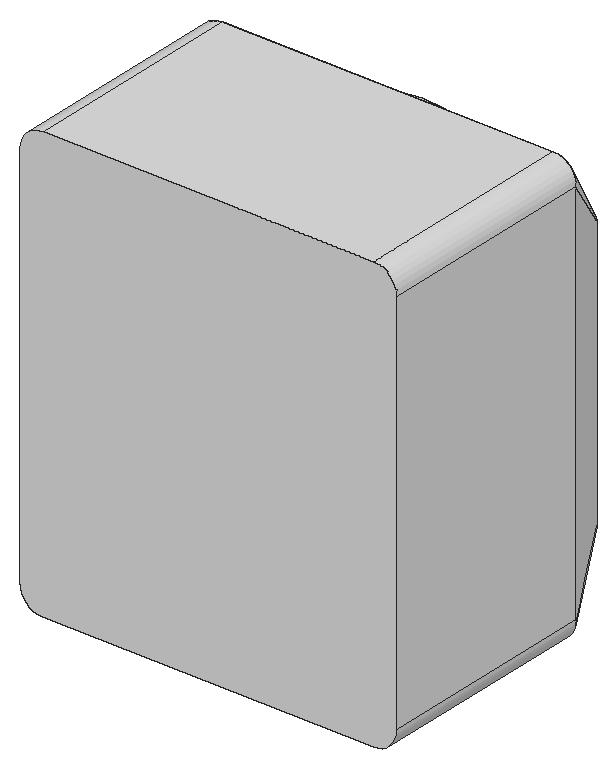
Revit family "IEK_Розетка_ОУ_сЗК_сКР_16А_1мст_IP54_ГЕРМЕС_PLUS_белый", category Электрические приборы, Revit 2019
Family settings
  Сохранять ориентацию аннотаций = Да
  Размер круглого соединителя = Использовать диаметр
  Тип детали = Нормальный
  На основе рабочей плоскости = Нет
  Всегда вертикально = Да
  При загрузке вырезать с полостями = Нет
  Общий = Нет
  Точка расчета площади = Нет
Parameters (values of type "РСб20-3-ГПБб")
  Ширина = 72 mm  # constant formula
  Тип монтажа = "Поверхность монтажа (открытая установка)"  # constant formula
  Степень защиты = "IP54"  # constant formula
  Описание = "Изделия серии \"ГЕРМЕС PLUS\" используются в помещениях с повышенной влажностью или запыленностью, а также под навесом на открытом воздухе."
  Материал крышки = Цвет белый
  Изготовитель = "IEK"  # constant formula
  Диаметр_Короба [instance] = 16 mm
  Глубина = 52 mm  # constant formula
  Высота = 72 mm  # constant formula
  ΔХ [instance] = 2000 mm
  ΔY [instance] = 2000 mm
  URL = "https://www.iek.ru/"
  ADSK_Ток [instance] = 16 A  # constant formula
  ADSK_Примечание = ""
  ADSK_Полная мощность [instance] = ADSK_Номинальная мощность / ADSK_Коэффициент мощности  # 3520 VA
  ADSK_Позиция [instance] = ""
  ADSK_Номинальная мощность [instance] = ADSK_Ток * ADSK_Напряжение * sqrt(ADSK_Количество фаз числовое) * ADSK_Коэффициент мощности  # 3520 W
  ADSK_Напряжение = 220 V
  ADSK_Наименование краткое = "РСб20-3-ГПБ6"
  ADSK_Наименование = "Розетка 1-местная для открытой установки РСб20-3-ГПБб с заземляющим контактом IP54 ГЕРМЕС PLUS (цвет крышки:белый) IEK"
  ADSK_Материал обозначение = ""
  ADSK_Материал наименование = "Пластик"  # constant formula
  ADSK_Материал = Цвет белый
  ADSK_Масса = 0.12
  ADSK_Марка = "ГЕРМЕС PLUS"  # constant formula
  ADSK_Коэффициент мощности [instance] = 1  # constant formula
  ADSK_Количество фаз числовое = 1
  ADSK_Количество фаз = 1
  ADSK_Код изделия = "ERMP12-K01-16-54-EC"
  ADSK_Классификация нагрузок [instance] = Прочее
  ADSK_Завод-изготовитель = Изготовитель  # "IEK"
  ADSK_Единица измерения = "шт."  # constant formula
  ADSK_Группирование = "Электроустановочные изделия низковольтные"  # constant formula
  ADSK_Версия семейства = "01.10.25"  # constant formula
  ADSK_Версия Revit = "v2019"  # constant formula
  ADSK_URL страницы изделия = "https://qr.iek.group/ERMP12-K01-16-54-EC"
Types (3, lengths in mm): name | Материал крышки | ADSK_Наименование краткое | ADSK_Наименование | ADSK_Масса | ADSK_Код изделия | ADSK_URL страницы изделия
  (no name) | Цвет белый | "РСб20-3-ГПБ6" | "Розетка 1-местная для открытой установки РСб20-3-ГПБб с заземляющим контактом IP54 ГЕРМЕС PLUS (цвет крышки:белый) IEK" | 0.12 | "ERMP12-K01-16-54-EC" | "https://qr.iek.group/ERMP12-K01-16-54-EC"
  РСб20-3-ГПБб | Цвет белый | "РСб20-3-ГПБ6" | "Розетка 1-местная для открытой установки РСб20-3-ГПБб с заземляющим контактом IP54 ГЕРМЕС PLUS (цвет крышки:белый) IEK" | 0.12 | "ERMP12-K01-16-54-EC" | "https://qr.iek.group/ERMP12-K01-16-54-EC"
  РСб20-3-ГПБд_КрышкаДымчатый | Цвет дымчатый | "РСб20-3-ГПБд" | "Розетка 1-местная для открытой установки РСб20-3-ГПБд с заземляющим контактом IP54 ГЕРМЕС PLUS (цвет крышки:дымчатый) IEK" | 0.115 | "ERMP12-K03-16-54-EC" | "https://qr.iek.group/ERMP12-K03-16-54-EC"
Reference planes
  plane 1 "По центру (Вперед/Назад)": y = 0
  plane 2: z = 0
  plane 3 "По центру (Влево/Вправо)": x = 0
  plane 4 "Высота ножек": z = 280
  plane 5 "Высота": z = 2081.496
  plane 6: x = -2000
  plane 7: y = 2000
Forms (mm)
  Extrusion 1, void
    sketch origin (0, 0, 37.5) x (1, 0, 0) y (0, 0, -1)
      loop
        arc (-16.762, -9.964) -> (-0.012, -19.5) -> (16.75, -9.984) r 19.5
        line (16.75, -9.984) -> (16.75, -2.25) -> (19.37, -2.25)
        arc (19.37, -2.25) -> (19.5, 0) -> (19.37, 2.25) r 19.5
        line (19.37, 2.25) -> (16.75, 2.25) -> (16.75, 9.984)
        arc (16.75, 9.984) -> (0, 19.5) -> (-16.75, 9.984) r 19.5
        line (-16.75, 9.984) -> (-16.75, 2.25) -> (-19.37, 2.25)
        arc (-19.37, 2.25) -> (-19.5, 0) -> (-19.37, -2.25) r 19.5
        line (-19.37, -2.25) -> (-16.75, -2.25) -> (-16.762, -9.964)
    from 26.4 to 46.099
  Extrusion 2, void
    sketch origin (0, 0, 37.5) x (1, 0, 0) y (0, 0, -1)
      loop
        circle (-9.525, 0) r 2.758
      loop
        circle (9.525, 0) r 2.758
    from 26.4 to 5.7
  Extrusion 3, solid, material "Цвет белый" <- "ADSK_Материал", detail levels fine
    sketch origin (0, 0, 37.5) x (1, 0, 0) y (0, 0, -1)
      loop
        line (-32.5, 33.5) -> (-32.5, -33.45)
        arc (-32.5, -33.45) -> (-31.314, -36.314) -> (-28.45, -37.5) r 4.05
        line (-28.45, -37.5) -> (28.5, -37.5)
        arc (28.5, -37.5) -> (31.328, -36.328) -> (32.5, -33.5) r 4
        line (32.5, -33.5) -> (32.5, 33.5)
        arc (32.5, 33.5) -> (31.328, 36.328) -> (28.5, 37.5) r 4
        line (28.5, 37.5) -> (-28.5, 37.5)
        arc (-28.5, 37.5) -> (-31.328, 36.328) -> (-32.5, 33.5) r 4
    from 0 to 38.682
  Blend 4, solid, material "Цвет белый" <- "ADSK_Материал", detail levels fine
    base sketch origin (0, 0, 37.5) x (1, 0, 0) y (0, 0, -1)
      loop
        line (-32.5, 33.5) -> (-32.5, -33.5)
        arc (-32.5, -33.5) -> (-31.328, -36.328) -> (-28.5, -37.5) r 4
        line (-28.5, -37.5) -> (28.5, -37.5)
        arc (28.5, -37.5) -> (31.328, -36.328) -> (32.5, -33.5) r 4
        line (32.5, -33.5) -> (32.5, 33.5)
        arc (32.5, 33.5) -> (31.328, 36.328) -> (28.5, 37.5) r 4
        line (28.5, 37.5) -> (-28.5, 37.5)
        arc (-28.5, 37.5) -> (-31.328, 36.328) -> (-32.5, 33.5) r 4
    top sketch origin (0, 0, 37.5) x (1, 0, 0) y (0, 0, -1)
      loop
        line (-30.1, 23.034) -> (-30.1, -24.041)
        arc (-30.1, -24.041) -> (-29.819, -24.719) -> (-29.141, -25) r 0.959
        line (-29.141, -25) -> (29.141, -25)
        arc (29.141, -25) -> (29.819, -24.719) -> (30.1, -24.041) r 0.959
        line (30.1, -24.041) -> (30.1, 23.034)
        arc (30.1, 23.034) -> (29.819, 23.712) -> (29.141, 23.993) r 0.959
        line (29.141, 23.993) -> (-29.141, 23.993)
        arc (-29.141, 23.993) -> (-29.819, 23.712) -> (-30.1, 23.034) r 0.959
    from 38.682 to 46.099
  Extrusion 5, void
    sketch origin (0, 0, 39.041) x (1, 0, 0) y (0, 0, -1)
      loop
        arc (-28.5, -24.189) -> (-27.914, -25.603) -> (-26.5, -26.189) r 2
        line (-26.5, -26.189) -> (26.5, -26.189)
        arc (26.5, -26.189) -> (27.914, -25.603) -> (28.5, -24.189) r 2
        line (28.5, -24.189) -> (28.5, 37.041)
        arc (28.5, 37.041) -> (27.914, 38.456) -> (26.5, 39.041) r 2
        line (26.5, 39.041) -> (-26.5, 39.041)
        arc (-26.5, 39.041) -> (-27.914, 38.456) -> (-28.5, 37.041) r 2
        line (-28.5, 37.041) -> (-28.5, -24.189)
      loop
        line (5, 26.541) -> (-5, 26.541) -> (-15.069, 16.168)
        arc (-15.069, 16.168) -> (-21, 1.541) -> (-15.069, -13.085) r 21
        line (-15.069, -13.085) -> (-5, -23.459) -> (5, -23.459) -> (15.069, -13.085)
        arc (15.069, -13.085) -> (21, 1.541) -> (15.069, 16.168) r 21
        line (15.069, 16.168) -> (5, 26.541)
    from 38.682 to 46.099
  Extrusion 6, void
    sketch origin (0, 0, 37.5) x (1, 0, 0) y (0, 0, -1)
      loop
        line (-22.764, -27) -> (-14.278, -27)
        arc (-14.278, -27) -> (0, -32.5) -> (14.278, -27) r 21.282
        line (14.278, -27) -> (22.764, -27) -> (22.764, 26.4) -> (-22.764, 26.4) -> (-22.764, -27)
    from 43.6 to 46.099
  Extrusion 7, solid, material "Цвет белый" <- "Материал крышки", detail levels fine
    sketch origin (0, 0, 37.5) x (0, 0, -1) y (0, 1, 0)
      loop
        line (23.993, 46.099) -> (-27, 46.099) -> (-27, 45.121) -> (23.993, 45.121) -> (35.72, 38.682) -> (37.5, 38.682) -> (23.993, 46.099)
    from -28 to 28
  Extrusion 8, solid, material "Цвет белый" <- "Материал крышки", detail levels fine
    sketch origin (0, 0, 37.5) x (1, 0, 0) y (0, 0, -1)
      loop
        arc (-14.278, -27) -> (0, -32.5) -> (14.278, -27) r 21.282
        line (14.278, -27) -> (-14.278, -27)
    from 45.121 to 46.099
  Extrusion 9, solid, detail levels coarse
    sketch origin (0, 0, 0) x (1, 0, 0) y (0, 1, 0)
      loop
        line (-32.5, 0) -> (32.5, 0) -> (32.5, 46.099) -> (-32.5, 46.099) -> (-32.5, 0)
    from 0 to 75
  Extrusion 10, solid, detail levels medium
    sketch origin (0, 0, 0) x (1, 0, 0) y (0, 1, 0)
      loop
        line (-32.5, 0) -> (32.5, 0) -> (32.5, 46.099) -> (-32.5, 46.099) -> (-32.5, 0)
    from 0 to 75
Cuts and joins
  Extrusion 1, Extrusion 2, Extrusion 5 cuts Extrusion 3
  Extrusion 1, Extrusion 5, Extrusion 6 cuts Blend 4
Lines and regions (mm)
  reference lines
    curve 1: line (0, 44.647, 0) -> (0, -55.353, 0)
    curve 2: line (-23.829, 0, 0) -> (76.171, 0, 0)
Dimensions and locks
  locked: plane 4 "Высота ножек" to plane 2 at 280
  plane 5 "Высота" to plane 4 "Высота ножек" = 1801.496 mm
  "ΔХ": plane 6 to curve 1
  "ΔY": plane 7 to curve 2
  aligned and locked: level to plane 2
  aligned and locked: nested 1 to curve 1
  aligned and locked: curve 2 to nested 1
Automatic sketch dimensions
  Extrusion 1 sketch curve to Extrusion 1 sketch curve = 0 mm  (x14)
  Extrusion 1 sketch curve to plane 3 "По центру (Влево/Вправо)" = 0 mm
  Extrusion 1 sketch curve to plane 3 "По центру (Влево/Вправо)" = 16.75 mm
  Extrusion 1 sketch curve to Extrusion 1 sketch curve = 2.62 mm  (x4)
  plane 3 "По центру (Влево/Вправо)" to Extrusion 1 sketch curve = 16.75 mm
  level to Extrusion 1 sketch curve = 47.484 mm
  Extrusion 1 sketch curve to Extrusion 1 sketch curve = 7.734 mm  (x3)
  Extrusion 1 sketch curve to Extrusion 1 sketch curve = 2.25 mm
  Extrusion 1 sketch curve to Extrusion 1 sketch curve = 0.012 mm
  Extrusion 2 sketch curve to plane 3 "По центру (Влево/Вправо)" = 9.525 mm
  plane 3 "По центру (Влево/Вправо)" to Extrusion 2 sketch curve = 9.525 mm
  level to Extrusion 2 sketch curve = 37.5 mm
  Extrusion 2 sketch curve to Extrusion 2 sketch curve = 0 mm
  level to Extrusion 3 sketch curve = 4 mm  (x2)
  Extrusion 3 sketch curve to plane 3 "По центру (Влево/Вправо)" = 32.5 mm
  Extrusion 3 sketch curve to Extrusion 3 sketch curve = 4 mm
  Extrusion 3 sketch curve to Extrusion 3 sketch curve = 4.05 mm
  plane 3 "По центру (Влево/Вправо)" to Extrusion 3 sketch curve = 28.5 mm  (x2)
  level to Extrusion 3 sketch curve = 70.95 mm
  level to Blend 4 sketch curve = 4 mm  (x2)
  Blend 4 sketch curve to plane 3 "По центру (Влево/Вправо)" = 32.5 mm
  Blend 4 sketch curve to Blend 4 sketch curve = 4 mm  (x2)
  plane 3 "По центру (Влево/Вправо)" to Blend 4 sketch curve = 28.5 mm  (x2)
  level to Blend 4 sketch curve = 71 mm
  level to Blend 4 sketch curve = 14.466 mm  (x2)
  Blend 4 sketch curve to plane 3 "По центру (Влево/Вправо)" = 30.1 mm
  Blend 4 sketch curve to Blend 4 sketch curve = 0.959 mm  (x2)
  plane 3 "По центру (Влево/Вправо)" to Blend 4 sketch curve = 29.141 mm  (x2)
  Blend 4 sketch curve to Blend 4 sketch curve = 47.076 mm
  Extrusion 5 sketch curve to Extrusion 5 sketch curve = 0 mm  (x2)
  Extrusion 5 sketch curve to plane 3 "По центру (Влево/Вправо)" = 0 mm
  level to Extrusion 5 sketch curve = 12.5 mm
  Extrusion 5 sketch curve to plane 3 "По центру (Влево/Вправо)" = 5 mm  (x2)
  Extrusion 5 sketch curve to Extrusion 5 sketch curve = 10.069 mm  (x4)
  level to Extrusion 5 sketch curve = 22.874 mm  (x2)
  Extrusion 5 sketch curve to Extrusion 5 sketch curve = 11.431 mm  (x4)
  level to Extrusion 5 sketch curve = 2 mm
  Extrusion 5 sketch curve to Extrusion 5 sketch curve = 2 mm  (x2)
  plane 3 "По центру (Влево/Вправо)" to Extrusion 5 sketch curve = 5 mm  (x2)
  Extrusion 5 sketch curve to Extrusion 5 sketch curve = 14.626 mm
  Extrusion 5 sketch curve to Extrusion 5 sketch curve = 10.374 mm
  Extrusion 5 sketch curve to Extrusion 5 sketch curve = 11.104 mm
  Extrusion 6 sketch curve to plane 3 "По центру (Влево/Вправо)" = 0 mm
  Extrusion 6 sketch curve to plane 3 "По центру (Влево/Вправо)" = 14.278 mm
  level to Extrusion 6 sketch curve = 11.1 mm
  Extrusion 6 sketch curve to plane 3 "По центру (Влево/Вправо)" = 22.764 mm
  plane 3 "По центру (Влево/Вправо)" to Extrusion 6 sketch curve = 14.278 mm
  Extrusion 6 sketch curve to Extrusion 6 sketch curve = 8.486 mm
  level to Extrusion 6 sketch curve = 48.718 mm
  Extrusion 6 sketch curve to Extrusion 6 sketch curve = 15.782 mm
  Extrusion 7 sketch curve to plane 1 "По центру (Вперед/Назад)" = 46.099 mm
  level to Extrusion 7 sketch curve = 64.5 mm
  level to Extrusion 7 sketch curve = 13.507 mm  (x2)
  level to Extrusion 7 sketch curve = 1.78 mm
  Extrusion 7 sketch curve to Extrusion 7 sketch curve = 1.78 mm
  Extrusion 7 sketch curve to Extrusion 7 sketch curve = 0.977 mm
  Extrusion 7 sketch curve to Extrusion 7 sketch curve = 6.439 mm
  Extrusion 8 sketch curve to plane 3 "По центру (Влево/Вправо)" = 0 mm
  Extrusion 8 sketch curve to plane 3 "По центру (Влево/Вправо)" = 14.278 mm
  level to Extrusion 8 sketch curve = 64.5 mm
  Extrusion 8 sketch curve to Extrusion 8 sketch curve = 15.782 mm
  plane 1 "По центру (Вперед/Назад)" to Extrusion 9 sketch curve = 0 mm
  Extrusion 9 sketch curve to plane 3 "По центру (Влево/Вправо)" = 32.5 mm
  plane 3 "По центру (Влево/Вправо)" to Extrusion 9 sketch curve = 32.5 mm
  Extrusion 9 sketch curve to plane 1 "По центру (Вперед/Назад)" = 46.099 mm
  plane 1 "По центру (Вперед/Назад)" to Extrusion 10 sketch curve = 0 mm
  Extrusion 10 sketch curve to plane 3 "По центру (Влево/Вправо)" = 32.5 mm
  plane 3 "По центру (Влево/Вправо)" to Extrusion 10 sketch curve = 32.5 mm
  Extrusion 10 sketch curve to plane 1 "По центру (Вперед/Назад)" = 46.099 mm
  curve 2 to plane 3 "По центру (Влево/Вправо)" = 23.829 mm
  plane 3 "По центру (Влево/Вправо)" to curve 2 = 76.171 mm
  plane 1 "По центру (Вперед/Назад)" to curve 1 = 55.353 mm
  curve 1 to plane 1 "По центру (Вперед/Назад)" = 44.647 mm
  radius of Extrusion 2 sketch curve = 2.758 mm  (x2)
Nested families
  nested 1: "УГО Розетки" at (0, 0, 0), type "2PE-O", detail levels coarse+medium
    with Количество в блоке "", Блок розеток no, IP44 yes
Connectors
  electrical at (0.006, 0, 37.494), driven by "ADSK_Количество фаз", driven by "ADSK_Классификация нагрузок", driven by "ADSK_Напряжение", driven by "ADSK_Полная мощность", driven by "ADSK_Коэффициент мощности"
    settings: on cut or joined group of Extrusion 1, Extrusion 2, Extrusion 3, Extrusion 5, index 1, voltage 220 V, apparent load 0 VA, apparent load phase1 3520 VA, apparent load phase2 0 VA, apparent load phase3 0 VA, power factor 1, load classification "Прочее", number of poles 1, system type 30, power factor state 1, is connector primary yes, connector utility no, sub classification motor no, connector description ""
  cabletrayconduit at (0.025, 19.341, 75), diameter 16, driven by "Диаметр_Короба"
    settings: on cut or joined group of Extrusion 1, Extrusion 2, Extrusion 3, Extrusion 5, index 2, connector width 300 mm, connector height 300 mm, connector angle 0.00°, system type 32, placement type 0, profile type 0, connector reference index -1, is primary connector yes, connector utility param no, connector description ""
  cabletrayconduit at (0, 19.341, 0), diameter 16, driven by "Диаметр_Короба"
    settings: on cut or joined group of Extrusion 1, Extrusion 2, Extrusion 3, Extrusion 5, index 3, connector width 300 mm, connector height 300 mm, connector angle 0.00°, system type 32, placement type 0, profile type 0, connector reference index -1, is primary connector no, connector utility param no, connector description ""
Definition of nested family "УГО Розетки"
  Parameters (values of type "3PE-O")
    Количество в блоке [instance] = ""
    Блок розеток [instance] = no
    IP44 [instance] = no
    3PE-O = yes
    3PE-C = no
    2PE-O = no
    2PE-C = no
    2P-O = no
    2P-C = no
  Types (6, lengths in mm): name | 3PE-O | 3PE-C | 2PE-O | 2PE-C | 2P-O | 2P-C
    2P-O | no | no | no | no | yes | no
    3PE-O | yes | no | no | no | no | no
    2P-C | no | no | no | no | no | yes
    2PE-C | no | no | no | yes | no | no
    2PE-O | no | no | yes | no | no | no
    3PE-C | no | yes | no | no | no | no
  Reference planes
    plane 1: y = 0
    plane 2: x = 0
  Lines and regions (mm)
    Filled region 1, type "Цветовая область 1", visible <- "IP44"
      outline origin (0, 0, 0) x (1, 0, 0) y (0, 1, 0)
        loop
          line (-2.5, 0) -> (2.5, 0)
          arc (2.5, 0) -> (0, 2.5) -> (-2.5, 0) r 2.5
    Filled region 2, type "Цветовая область 1", visible <- "IP44", not visible
      outline origin (0, 0, 0) x (1, 0, 0) y (0, 1, 0)
        loop
          line (-2.5, 4.664) -> (2.5, 4.664)
          arc (2.5, 4.664) -> (0, 7.164) -> (-2.5, 4.664) r 2.5
    detail lines
      curve 1: line (-2.5, 0, 0) -> (2.5, 0, 0)
      curve 3: line (0, 2.5, 0) -> (0, 5, 0)
      curve 4: arc (-2.5, 0, 0) -> (0, 2.5, 0) -> (2.5, 0, 0) r 2.5
    detail lines, visible <- "3PE-C"
      curve 2: line (0, 0, 0) -> (0, 2.5, 0)
      curve 5: line (-2.5, 2.5, 0) -> (2.5, 2.5, 0)
      curve 17: line (0, 2.5, 0) -> (1.768, 4.268, 0)
      curve 18: line (0, 2.5, 0) -> (-1.768, 4.268, 0)
    detail lines, not visible
      curve 6: line (-2.5, 4.664, 0) -> (2.5, 4.664, 0)
      curve 8: line (0, 7.164, 0) -> (0, 9.664, 0)
      curve 9: arc (-2.5, 4.664, 0) -> (0, 7.164, 0) -> (2.5, 4.664, 0) r 2.5
    detail lines, visible <- "3PE-C", not visible
      curve 7: line (0, 4.664, 0) -> (0, 7.164, 0)
      curve 10: line (-2.5, 7.164, 0) -> (2.5, 7.164, 0)
      curve 23: line (0, 7.164, 0) -> (1.768, 8.932, 0)
      curve 24: line (0, 7.164, 0) -> (-1.768, 8.932, 0)
    detail lines, visible <- "3PE-O"
      curve 11: line (-2.5, 2.5, 0) -> (2.5, 2.5, 0)
      curve 19: line (0, 2.5, 0) -> (1.768, 4.268, 0)
      curve 20: line (0, 2.5, 0) -> (-1.768, 4.268, 0)
    detail lines, visible <- "3PE-O", not visible
      curve 12: line (-2.5, 7.164, 0) -> (2.5, 7.164, 0)
      curve 25: line (0, 7.164, 0) -> (1.768, 8.932, 0)
      curve 26: line (0, 7.164, 0) -> (-1.768, 8.932, 0)
    detail lines, visible <- "2PE-C"
      curve 13: line (0, 0, 0) -> (0, 2.5, 0)
      curve 22: line (-2.5, 2.5, 0) -> (2.5, 2.5, 0)
    detail lines, visible <- "2P-C"
      curve 14: line (0, 0, 0) -> (0, 2.5, 0)
    detail lines, visible <- "2PE-C", not visible
      curve 15: line (0, 4.664, 0) -> (0, 7.164, 0)
      curve 28: line (-2.5, 7.164, 0) -> (2.5, 7.164, 0)
    detail lines, visible <- "2P-C", not visible
      curve 16: line (0, 4.664, 0) -> (0, 7.164, 0)
    detail lines, visible <- "2PE-O"
      curve 21: line (-2.5, 2.5, 0) -> (2.5, 2.5, 0)
    detail lines, visible <- "2PE-O", not visible
      curve 27: line (-2.5, 7.164, 0) -> (2.5, 7.164, 0)
    reference lines
      curve 29: line (100, 9.605, 0) -> (100, -3.971, 0)
  Text (mm)
    label "3" at (1.908, 5.573, 0), shows "Количество в блоке", visible <- "Блок розеток"
    label "3" at (1.908, 10.237, 0), shows "Количество в блоке", visible <- "Блок розеток", not visible
  Dimensions and locks
    aligned and locked: Filled region 1 sketch curve to curve 4
    aligned and locked: Filled region 2 sketch curve to curve 9
